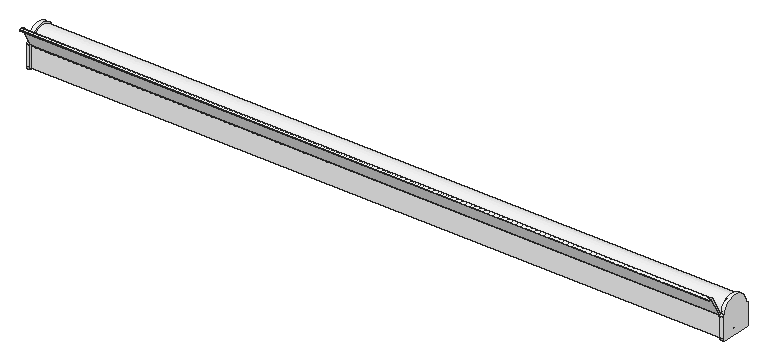
Revit family "0045186+0045236 Feilo Sylvania Lighting Fixture SYLBATTEN LED4 6000K TP3 with ASYMMETRIC REFLECTOR ACCESSORY 1500MM", category Lighting Fixtures, host Face, Revit 2017
Family settings
  Host = Face
  Round Connector Dimension = Use Diameter
  Part Type = Normal
  OmniClass Number = 23.80.70.00
  OmniClass Title = Lighting
  Cut with Voids When Loaded = No
  Light Source = Yes
  Shared = No
  Room Calculation Point = No
Parameters (values of type "0045186 SYLBATTEN LED4 6000K TP3")
  Width_FEILO = 66 mm
  Weight = "3.17 kg"
  Wattage Comments = "n/a"
  Wattage = 39 W
  WarrantyStartDate [instance] = "n/a"
  WarrantyGuarantorParts = "n/a"
  WarrantyDurationUnit = "n/a"
  WarrantyDurationParts = "n/a"
  WarrantyDescription = "n/a"
  built-in parameter 1150110 = 1 (stored number, unit not read)
  Voltage = 230 V
  URL = "http://www.sylvania-lighting.com"
  TypeName = "SYLBATTEN LED4 6000K TP3"
  Type Image = <None>
  Type Comments = "n/a"
  built-in parameter 1114217 = 1 (stored number, unit not read)
  Tilt Angle = -90.00°
  built-in parameter 1150109 = 1 (stored number, unit not read)
  built-in parameter 1150134 = 5
  SymReflector_FEILO = no
  built-in parameter 1150113 = 1 (stored number, unit not read)
  SerialNumber [instance] = "n/a"
  PowerFactor = 0
  PowerConsumption = "39 W"
  Photometric Web File = "0045186+0045236.ies"
  NominalLength = 1505 mm
  NominalHeight = 91 mm
  NominalDepth = 122 mm
  Name = "SYLBATTEN LED4 6000K TP3"
  ModelReference = Name  # "SYLBATTEN LED4 6000K TP3"
  ModelNumber = "0045186"
  Model = Name  # "SYLBATTEN LED4 6000K TP3"
  Material_4_FEILO = Reflector-Sylvania-Sylbatten-White
  Material_3_FEILO = Diffuser-Sylvania-Sylbatten-Glow
  Material_2_FEILO = Body-Sylvania-Sylbatten-White
  Material_1_FEILO = Body-Sylvania-Sylbatten-White
  Material = "sheet steel housing, polycarbonate diffuser"
  ManufacturerName = "Feilo Sylvania"
  Manufacturer = "Feilo Sylvania"
  LuminousEfficacy = "112.2 lm/W"
  built-in parameter 1150105 = 348.31 (stored number, unit not read)
  Lumens = 4376.97 lm
  LuminaireType = ""
  built-in parameter 1150115 = 1 (stored number, unit not read)
  LightOutputRatio = "100"
  built-in parameter 1150137 = (empty or 0)
  built-in parameter 1150139 = (empty or 0)
  Length_FEILO = 1505 mm
  LampsType = Lamp  # "LED"
  LampNominalLuminous = "4377 lm"
  LampMacAdamStep = "n/a"
  LampColourTemperature = "6000 K"
  LampColourRenderingIndex = "80"
  built-in parameter 1150112 = 1 (stored number, unit not read)
  built-in parameter 1150114 = 1 (stored number, unit not read)
  Lamp = "LED"
  Keynote = "16500"
  InstallationDate [instance] = "n/a"
  InputVoltage = "220-240V~"
  InputNominalFrequency = "n/a"
  built-in parameter 1150132 = (empty or 0)
  built-in parameter 1150102 = (empty or 0)
  built-in parameter 1150107 = 6000 (stored number, unit not read)
  built-in parameter 1150138 = (empty or 0)
  IngressProtection = "IP20"
  ImpactProtectionIndex = "IK07"
  built-in parameter 1150106 = 3.4831 (stored number, unit not read)
  IfcExportType = "IfcLightFixtureType"
  IfcExportAs = "IfcLightFixtureType"
  Height_FEILO = 76 mm
  ExpectedLife = 50000
  Emit from Rectangle Width = Length_FEILO - 16 mm  # 1489 mm
  Emit from Rectangle Length = Width_FEILO - 40 mm  # 26 mm
  Emit Shape Visible in Rendering = no
  ElectricShockClassification = "Class I"
  built-in parameter 1150104 = 10.427 (stored number, unit not read)
  DurationUnit = "hours"
  DocumentationLiterature = "http://www.sylvania-lighting.com/product/en-int/products/0045186"
  DimmingControlOptions = "n/a"
  Dimming Lamp Color Temperature Shift = <None>
  Description = "LED batten, T8 replacement, ease of installation through 2 part push-in design of the housing (safety cable included), through wiring capability (TP3 = 3 core), sheet steel, 4377M, 39W, 112m/W, 6000K, drive current: 350mA, CRI 80, 138° wide beam angle, electronic driver (non dimmable), IP20, IK07, 50,000 hrs (L70), (LxWxH) 1505x66x76mm, 5 step MacAdam ellipse, 3.7kg, white RAL 9016, Class 1, 220-240V, energy class: A++, A+, A."
  Default Elevation = 1219.2 mm
  CreatedOn = "1/25/2018"
  CreatedBy = ""
  Cost = 0
  Color Filter = 16777215
  built-in parameter 1114216 [instance] = (empty or 0)
  ClassificationValue = "EF_70_80"
  ClassificationName = "Uniclass2015"
  CapOffset_FEILO = 2 mm
  BarCode [instance] = "n/a"
  built-in parameter 1114218 = 1 (stored number, unit not read)
  BackReflector_FEILO = and(not(AsymReflector_FEILO), SymReflector_FEILO)  # no
  built-in parameter 1150133 = 10 (stored number, unit not read)
  FrontReflector_FEILO = or(AsymReflector_FEILO, SymReflector_FEILO)  # yes
  AsymReflector_FEILO = yes
  AssetType = "Fixed"
  AssetIdentifier [instance] = "n/a"
  Assembly Code = "D5020200"
  Apparent Load = 39 VA
Reference planes
  plane 1 "Center (Front/Back)": y = 0
  plane 2: z = 0
  plane 3 "Center (Left/Right)": x = 0
  plane 4: x = 752.5
  plane 5: x = -752.5
  plane 6: y = 33
  plane 7: y = -33
  plane 8: z = 76
  plane 9: z = 47
  plane 10: y = -29
  plane 11: y = 29
  plane 12: z = 20
  plane 13: z = 74
  plane 14: y = -31
  plane 15: y = -27
  plane 16: y = 27
  plane 17: y = 31
  plane 18: z = 2
  plane 19: x = -744.5
  plane 20: x = 744.5
  plane 21: z = 49
  plane 22: y = 1
  plane 23: y = -1
  plane 24: z = 21
  plane 25: z = 19
  plane 26: y = -61
  plane 27: y = 61
  plane 28: y = -56
  plane 29: y = 56
  plane 30: z = 91
  plane 31: z = 88
Forms (mm)
  Extrusion 1, solid, material "Body-Sylvania-Sylbatten-White" <- "Material_2_FEILO"
    sketch origin (0, 0, 0) x (0, 1, 0) y (0, 0, 1)
      loop
        line (-31, 2) -> (31, 2) -> (31, 45)
        arc (31, 45) -> (30.414, 46.414) -> (29, 47) r 2
        line (29, 47) -> (27, 47)
        arc (27, 47) -> (0, 74) -> (-27, 47) r 27
        line (-27, 47) -> (-29, 47)
        arc (-29, 47) -> (-30.414, 46.414) -> (-31, 45) r 2
        line (-31, 45) -> (-31, 2)
    from -744.5 to 744.5
  Extrusion 2, solid, material "Body-Sylvania-Sylbatten-White" <- "Material_2_FEILO"
    sketch origin (752.5, 1524, 1219.2) x (0, 1, 0) y (0, 0, 1)
      loop
        arc (-1494, -1219.2) -> (-1491.879, -1218.321) -> (-1491, -1216.2) r 3
        line (-1491, -1216.2) -> (-1491, -1173.2)
        arc (-1491, -1173.2) -> (-1491.879, -1171.079) -> (-1494, -1170.2) r 3
        line (-1494, -1170.2) -> (-1495.069, -1170.2)
        arc (-1495.069, -1170.2) -> (-1524, -1143.2) -> (-1552.931, -1170.2) r 29
        line (-1552.931, -1170.2) -> (-1554, -1170.2)
        arc (-1554, -1170.2) -> (-1556.121, -1171.079) -> (-1557, -1173.2) r 3
        line (-1557, -1173.2) -> (-1557, -1216.2)
        arc (-1557, -1216.2) -> (-1556.121, -1218.321) -> (-1554, -1219.2) r 3
        line (-1554, -1219.2) -> (-1494, -1219.2)
      loop
        arc (-1525, -1189.25) -> (-1531.071, -1192.129) -> (-1533.95, -1198.2) r 10
        line (-1533.95, -1198.2) -> (-1532.944, -1198.2)
        arc (-1532.944, -1198.2) -> (-1530.364, -1192.836) -> (-1525, -1190.256) r 9
        line (-1525, -1190.256) -> (-1525, -1189.25)
      loop
        arc (-1523, -1190.256) -> (-1517.636, -1192.836) -> (-1515.056, -1198.2) r 9
        line (-1515.056, -1198.2) -> (-1514.05, -1198.2)
        arc (-1514.05, -1198.2) -> (-1516.929, -1192.129) -> (-1523, -1189.25) r 10
        line (-1523, -1189.25) -> (-1523, -1190.256)
      loop
        line (-1532.944, -1200.2) -> (-1533.95, -1200.2)
        arc (-1533.95, -1200.2) -> (-1531.071, -1206.271) -> (-1525, -1209.15) r 10
        line (-1525, -1209.15) -> (-1525, -1208.144)
        arc (-1525, -1208.144) -> (-1530.364, -1205.564) -> (-1532.944, -1200.2) r 9
      loop
        arc (-1515.056, -1200.2) -> (-1517.636, -1205.564) -> (-1523, -1208.144) r 9
        line (-1523, -1208.144) -> (-1523, -1209.15)
        arc (-1523, -1209.15) -> (-1516.929, -1206.271) -> (-1514.05, -1200.2) r 10
        line (-1514.05, -1200.2) -> (-1515.056, -1200.2)
    from 0 to -8
  Extrusion 3, solid, material "Body-Sylvania-Sylbatten-White" <- "Material_2_FEILO"
    sketch origin (-752.5, 1524, 1219.2) x (0, 1, 0) y (0, 0, 1)
      loop
        arc (-1495.069, -1170.2) -> (-1524, -1143.2) -> (-1552.931, -1170.2) r 29
        line (-1552.931, -1170.2) -> (-1554, -1170.2)
        arc (-1554, -1170.2) -> (-1556.121, -1171.079) -> (-1557, -1173.2) r 3
        line (-1557, -1173.2) -> (-1557, -1216.2)
        arc (-1557, -1216.2) -> (-1556.121, -1218.321) -> (-1554, -1219.2) r 3
        line (-1554, -1219.2) -> (-1494, -1219.2)
        arc (-1494, -1219.2) -> (-1491.879, -1218.321) -> (-1491, -1216.2) r 3
        line (-1491, -1216.2) -> (-1491, -1173.2)
        arc (-1491, -1173.2) -> (-1491.879, -1171.079) -> (-1494, -1170.2) r 3
        line (-1494, -1170.2) -> (-1495.069, -1170.2)
      loop
        line (-1533.95, -1198.2) -> (-1532.944, -1198.2)
        arc (-1532.944, -1198.2) -> (-1530.364, -1192.836) -> (-1525, -1190.256) r 9
        line (-1525, -1190.256) -> (-1525, -1189.25)
        arc (-1525, -1189.25) -> (-1531.071, -1192.129) -> (-1533.95, -1198.2) r 10
      loop
        line (-1523, -1189.25) -> (-1523, -1190.256)
        arc (-1523, -1190.256) -> (-1517.636, -1192.836) -> (-1515.056, -1198.2) r 9
        line (-1515.056, -1198.2) -> (-1514.05, -1198.2)
        arc (-1514.05, -1198.2) -> (-1516.929, -1192.129) -> (-1523, -1189.25) r 10
      loop
        line (-1514.05, -1200.2) -> (-1515.056, -1200.2)
        arc (-1515.056, -1200.2) -> (-1517.636, -1205.564) -> (-1523, -1208.144) r 9
        line (-1523, -1208.144) -> (-1523, -1209.15)
        arc (-1523, -1209.15) -> (-1516.929, -1206.271) -> (-1514.05, -1200.2) r 10
      loop
        line (-1525, -1209.15) -> (-1525, -1208.144)
        arc (-1525, -1208.144) -> (-1530.364, -1205.564) -> (-1532.944, -1200.2) r 9
        line (-1532.944, -1200.2) -> (-1533.95, -1200.2)
        arc (-1533.95, -1200.2) -> (-1531.071, -1206.271) -> (-1525, -1209.15) r 10
    from 0 to 8
  Extrusion 4, solid, material "Reflector-Sylvania-Sylbatten-White" <- "Material_4_FEILO", visible <- "FrontReflector_FEILO"
    sketch origin (0, 0, 0) x (0, 1, 0) y (0, 0, 1)
      loop
        line (-61.257, 88.429) -> (-60.743, 87.571) -> (-56.621, 90.044)
        arc (-56.621, 90.044) -> (-56.237, 90.099) -> (-55.929, 89.863) r 0.5
        line (-55.929, 89.863) -> (-31.435, 46.753) -> (-30.565, 47.247) -> (-55.312, 90.802)
        arc (-55.312, 90.802) -> (-55.928, 91.275) -> (-56.696, 91.165) r 1
        line (-56.696, 91.165) -> (-61.257, 88.429)
    from -744.5 to 744.5
  Extrusion 5, solid, material "Reflector-Sylvania-Sylbatten-White" <- "Material_4_FEILO", visible <- "BackReflector_FEILO"
    sketch origin (0, 0, 0) x (0, 1, 0) y (0, 0, 1)
      loop
        line (30.565, 47.247) -> (31.435, 46.753) -> (55.932, 89.868)
        arc (55.932, 89.868) -> (56.245, 90.112) -> (56.638, 90.062) r 0.518
        line (56.638, 90.062) -> (61.033, 87.565) -> (61.527, 88.435) -> (56.682, 91.188)
        arc (56.682, 91.188) -> (55.922, 91.282) -> (55.318, 90.812) r 1
        line (55.318, 90.812) -> (30.565, 47.247)
    from -744.5 to 744.5
Lines and regions (mm)
  reference lines
    curve 1: line (0, -61, 88) -> (0, -56, 91)
    curve 2: line (0, -56, 91) -> (0, -31, 47)
    curve 3: line (0, 31, 47) -> (0, 56, 91)
    curve 4: line (0, 56, 91) -> (0, 61.28, 88)
Dimensions and locks
  equal spacing: plane 5, plane 3 "Center (Left/Right)", plane 4
  equal spacing: plane 7, plane 1 "Center (Front/Back)", plane 6
  "Width_FEILO": plane 7 to plane 6
  "Length_FEILO": plane 5 to plane 4
  "Height_FEILO": plane 8 to plane 2
  locked: plane 9 to plane 8 at 29
  equal spacing: plane 10, plane 1 "Center (Front/Back)", plane 11
  locked: plane 7 to plane 10 at 4
  locked: plane 12 to plane 2 at 20
  "CapOffset_FEILO": plane 13 to plane 8
  "CapOffset_FEILO": plane 7 to plane 14
  "CapOffset_FEILO": plane 10 to plane 15
  "CapOffset_FEILO": plane 17 to plane 6
  "CapOffset_FEILO": plane 16 to plane 11
  "CapOffset_FEILO": plane 18 to plane 2
  locked: plane 14 to Extrusion 1 sketch curve at 2
  locked: Extrusion 1 sketch curve to plane 9 at 2  (x2)
  locked: plane 16 to Extrusion 1 sketch curve at 2
  equal spacing: plane 19, plane 3 "Center (Left/Right)", plane 20
  locked: plane 5 to plane 19 at 8
  "CapOffset_FEILO": plane 9 to plane 21
  locked: Extrusion 2 sketch curve to plane 2 at 47
  locked: Extrusion 1 sketch curve to plane 2 at 47
  locked: Extrusion 2 sketch curve to plane 2 at 3  (x2)
  locked: plane 7 to Extrusion 2 sketch curve at 3  (x2)
  locked: Extrusion 2 sketch curve to plane 6 at 3  (x2)
  locked: Extrusion 2 sketch curve to plane 21 at 3  (x2)
  equal spacing: plane 23, plane 1 "Center (Front/Back)", plane 22
  equal spacing: plane 25, plane 12, plane 24
  plane 30 to plane 31 to plane 2 = 3 mm locked, 88 mm locked
  plane 28 to plane 29 = 112 mm
  plane 26 to plane 27 = 122 mm
  aligned and locked: plane 2 to host face
  aligned and locked: level to host face
  aligned and locked: plane 18 to Extrusion 1 sketch curve
  aligned and locked: plane 14 to Extrusion 1 sketch curve
  aligned and locked: Extrusion 1 sketch curve to plane 9  (x2)
  aligned and locked: Extrusion 1 sketch curve to plane 17
  aligned and locked: plane 15 to Extrusion 1 sketch curve
  aligned and locked: plane 16 to Extrusion 1 sketch curve
  aligned and locked: plane 9 to Extrusion 1 sketch curve
  aligned and locked: plane 20 to Extrusion 1
  aligned and locked: level to Extrusion 2 sketch curve
  aligned and locked: Extrusion 2 sketch curve to plane 7
  aligned and locked: plane 21 to Extrusion 2 sketch curve
  aligned and locked: Extrusion 2 sketch curve to plane 21
  aligned and locked: plane 1 "Center (Front/Back)" to Extrusion 2 sketch curve  (x3)
  aligned and locked: Extrusion 2 to Extrusion 1
  aligned and locked: plane 4 to Extrusion 2
  aligned and locked: plane 12 to Extrusion 2 sketch curve  (x2)
  aligned and locked: Extrusion 2 sketch curve to plane 22
  aligned and locked: Extrusion 2 sketch curve to plane 23
  aligned and locked: Extrusion 2 sketch curve to plane 24
  aligned and locked: Extrusion 2 sketch curve to plane 25
  aligned and locked: plane 25 to Extrusion 2 sketch curve
  aligned and locked: plane 22 to Extrusion 2 sketch curve
  aligned and locked: plane 24 to Extrusion 2 sketch curve
  aligned and locked: plane 23 to Extrusion 2 sketch curve  (x2)
  aligned and locked: Extrusion 3 sketch curve to Extrusion 2  (x22)
  aligned and locked: Extrusion 3 to Extrusion 1
  aligned and locked: Extrusion 3 to plane 5
  aligned and locked: plane 19 to Extrusion 3
  aligned and locked: plane 31 to curve 1
  aligned and locked: plane 30 to curve 1
  aligned and locked: plane 14 to curve 2
  aligned and locked: plane 9 to curve 2
  aligned and locked: plane 17 to curve 3
  aligned and locked: plane 30 to curve 3
  aligned and locked: plane 31 to curve 4
  aligned and locked: Extrusion 4 sketch curve to curve 2
  aligned and locked: Extrusion 4 sketch curve to curve 1
  aligned and locked: Extrusion 4 to Extrusion 1
  aligned and locked: Extrusion 1 to Extrusion 4
  aligned and locked: imposter light to plane 1 "Center (Front/Back)"
  aligned and locked: imposter light to plane 3 "Center (Left/Right)"
  aligned and locked: imposter light to plane 13
  aligned and locked: Extrusion 5 sketch curve to curve 4
  aligned and locked: Extrusion 5 sketch curve to curve 3
  aligned and locked: Extrusion 1 to Extrusion 5
  aligned and locked: Extrusion 5 to Extrusion 1
Automatic sketch dimensions
  host sketch curve to host sketch curve = 2438.4 mm  (x2)
  Extrusion 2 sketch curve to Extrusion 2 sketch curve = 0 mm  (x14)
  Extrusion 2 sketch curve to plane 10 = 0.069 mm
  plane 23 to Extrusion 2 sketch curve = 8.95 mm
  Extrusion 2 sketch curve to Extrusion 2 sketch curve = 1.006 mm  (x4)
  Extrusion 2 sketch curve to plane 22 = 7.944 mm
  curve 1 to plane 26 = 0 mm
  curve 2 to plane 28 = 0 mm
  curve 4 to plane 29 = 0 mm
  plane 9 to curve 3 = 0 mm
  plane 26 to Extrusion 4 sketch curve = 0.257 mm
  Extrusion 4 sketch curve to plane 26 = 0.257 mm
  Extrusion 4 sketch curve to plane 30 = 0.165 mm
  plane 28 to Extrusion 4 sketch curve = 0.696 mm
  plane 28 to Extrusion 4 sketch curve = 0.621 mm
  plane 28 to Extrusion 4 sketch curve = 0.364 mm
  plane 28 to Extrusion 4 sketch curve = 0.182 mm
  Extrusion 4 sketch curve to plane 28 = 0.071 mm
  plane 30 to Extrusion 4 sketch curve = 0.198 mm
  Extrusion 4 sketch curve to plane 28 = 0.688 mm
  plane 9 to Extrusion 4 sketch curve = 0.247 mm
  plane 1 "Center (Front/Back)" to Extrusion 4 sketch curve = 31.435 mm
  Extrusion 5 sketch curve to plane 9 = 0.247 mm
  Extrusion 5 sketch curve to plane 1 "Center (Front/Back)" = 30.565 mm
  plane 9 to Extrusion 5 sketch curve = 0.247 mm
  plane 30 to Extrusion 5 sketch curve = 0.188 mm
  plane 29 to Extrusion 5 sketch curve = 0.068 mm
  Extrusion 5 sketch curve to plane 29 = 0.188 mm
  Extrusion 5 sketch curve to plane 29 = 0.382 mm
  Extrusion 5 sketch curve to Extrusion 5 sketch curve = 0.256 mm
  Extrusion 5 sketch curve to plane 30 = 0.188 mm
  Extrusion 5 sketch curve to plane 29 = 0.682 mm
  Extrusion 5 sketch curve to plane 27 = 0.033 mm
  Extrusion 5 sketch curve to plane 27 = 0.527 mm
Connectors
  electrical at (0, 0, 0), driven by "Apparent Load", driven by "PowerFactor", driven by "Voltage"
    settings: index 1, voltage 230 V, apparent load 39 VA, apparent load phase1 0 VA, apparent load phase2 0 VA, apparent load phase3 0 VA, power factor 0, load classification "Lighting", number of poles 1, system type 30, power factor state 1, is connector primary yes, connector utility no, sub classification motor no, connector description ""
